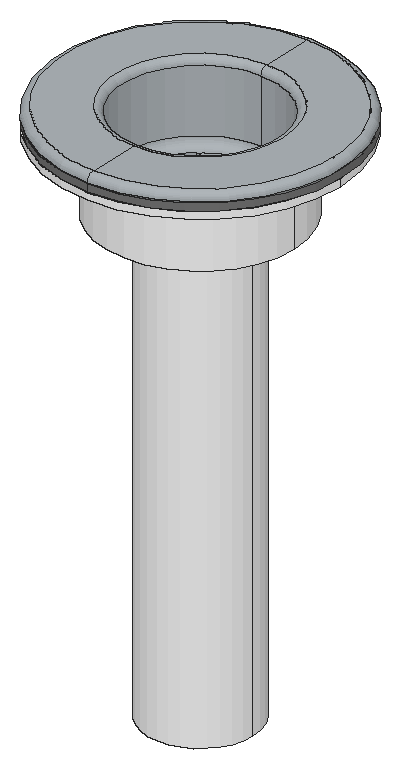
Revit family "BIM_TB-1954-11S", category Plumbing Fixtures, host Face, Revit 2026
Family settings
  Host = Face
  Round Connector Dimension = Use Diameter
  Part Type = Normal
  Classification Number = 23.31.11.00
  Enable Cutting in Views = No
  Cut with Voids When Loaded = No
  Maintain Annotation Orientation = No
  Shared = No
  Room Calculation Point = No
Parameters (values of type "TB-1954-11S")
  Waste Water Outlet = ""
  Vida Util = "100000 Ciclos"
  Torque de Conexioón = "20 Nm"
  Tipo de Uso = "Domestico"
  Temperaturas de trabajo = "19C° A 62C°"
  Sitio web = "https://www.gricol.com"
  Resistencia a Corrosión = "NTC 1156, Sal Neutral"
  Referente Normativo = "NTC 5302, ASME A112.18.2 / CSA B125.2"
  Medida Externa = "1 1/2\""
  Materiales del producto = "ABS, Popilipropileno, Acero inoxidable,\r\nCaucho"
  Link Ficha Tecnica = "https://infotecnica.gricol.com/FT_TB-1954-11S.pdf"
  Waste Connection = 1 = 0  # no
  Vent Connection = 1 = 0  # no
  URL = "https://www.gricol.com/products/canastilla-2-inoxidable"
  Type Image = FOTO CANASTILLA 2 CON FILTRO INOXIDABLE.jpg
  Plastico - polipropileno + colorante blanco = Plastico - polipropileno + colorante blanco
  Goteo de sello = "63 ml/min"
  Garantia Especifica = "20 Años"
  Conexiones = "Tubo para acople en tubería de 1½”"
  Caudal = "27 l/m"
  Caucho = Plastico - polipropileno + colorante gris
  Product Name = "Canastilla 2 Inoxidable Para Lavaplatos"  # constant formula
  Diametro = 74.297 mm
  Model = "TB-1954-11S\r"  # constant formula
  Manufacturer = "Gricol"  # constant formula
  HW Connection = 1 = 1  # yes
  Description = "Canastilla"  # constant formula
  Default Elevation = 0.0 mm
  Date Modified = "22/08/2025"  # constant formula
  Date Created = "05/28/2020"  # constant formula
  Copyright = "All rights reserved © Gricol - 2025."  # constant formula
  Metal - Acero inoxidable = Metal - Acero inoxidable
  CW Connection = 1 = 1  # yes
  Assembly Code = ""
  Alto = 140.0 mm
Reference planes
  plane 1 "Center (Front/Back)": y = 0
  plane 2: z = 0
  plane 3 "Center (Left/Right)": x = 0
  plane 4: y = -37.148
  plane 5: x = -37.148
  plane 6: x = 37.148
  plane 7: z = -142.019
  plane 8: y = 37.148
  plane 9: z = -2.019
Forms (mm)
  Extrusion 1, void
    sketch origin (0, 0, 0) x (1, 0, 0) y (0, 1, 0)
      loop
        circle (0, 0) r 22.091
    from -71.075 to 12.507
Dimensions and locks
  equal spacing: plane 5, plane 3 "Center (Left/Right)", plane 6
  "Diametro": plane 5 to plane 6
  equal spacing: plane 4, plane 1 "Center (Front/Back)", plane 8
  "Diametro": plane 4 to plane 8
  "Alto": plane 9 to plane 7
  aligned and locked: plane 2 to host face
  aligned and locked: level to host face
Automatic sketch dimensions
  host sketch curve to host sketch curve = 397.393 mm
  host sketch curve to host sketch curve = 331.799 mm
  plane 1 "Center (Front/Back)" to Extrusion 1 sketch curve = 0.0 mm
  Extrusion 1 sketch curve to plane 3 "Center (Left/Right)" = 0.0 mm
  Extrusion 1 sketch curve to plane 4 = 15.057 mm
Nested families
  nested 1: "CANASTILLA 2 CON FILTRO INOXIDABLE" at (0, 0, 0), type "CANASTILLA 2 CON FILTRO INOXIDABLE"
Definition of nested family "CANASTILLA 2 CON FILTRO INOXIDABLE"
  Parameters (values of type "CANASTILLA 2 CON FILTRO INOXIDABLE")
    Weight Net (Kg) = "6.60Kg"
    Waste Connection = no
    Vent Connection = no
    Type Comments = ""
    Nominal width = "370"
    Nominal height = "130"
    Model = ""
    Manufacturer = ""
    Keynote = ""
    HW Connection = no
    Default Elevation = 0.0 mm
    Cost = 0
    CW Connection = no
  Reference planes
    plane 1 "Center (Front/Back)": y = 0
    plane 2: z = 0
    plane 3 "Center (Left/Right)": x = 0
    plane 4: x = -19.05
    plane 5: x = 19.05
    plane 6 "12": z = -52.304
    plane 7 "13": y = 37.148
    plane 8 "14": y = -37.148
    plane 9 "17": x = -37.154
    plane 10 "18": x = 37.154
    plane 11 "19": z = -2.019
    plane 12 "20": z = -142.019
  Forms (mm)
    Revolve 1, solid
      sketch origin (-0.035, -0.057, -27.581) x (1, 0, 0) y (0, 0, 1)
        loop
          line (-37.119, 25.437) -> (-37.119, 23.564) -> (-24.93, 23.564) -> (-24.93, 4.491) -> (-13.973, -0.388) -> (-13.973, -114.497) -> (-12.433, -114.497) -> (-12.433, 0.94) -> (-23.236, 5.749) -> (-23.236, 25.437) -> (-37.119, 25.437)
        axis (0, 25.437) -> (0, -114.497)
      angle from 0 to 360
    Revolve 2, solid
      sketch origin (0, 0, 2.132) x (0, 1, 0) y (0, 0, 1)
        loop
          line (17.552, -20.985) -> (7.932, -20.985) -> (5.97, -22.948) -> (22.384, -22.948) -> (22.384, -1.921) -> (37.184, -1.921)
          arc (37.184, -1.921) -> (36.617, -0.552) -> (35.248, 0.014) r 1.935
          line (35.248, 0.014) -> (21.963, 0.014)
          arc (21.963, 0.014) -> (20.661, -0.525) -> (20.122, -1.827) r 1.841
          line (20.122, -1.827) -> (20.122, -18.416)
          arc (20.122, -18.416) -> (19.369, -20.233) -> (17.552, -20.985) r 2.57
        axis (0, 0.014) -> (0, -22.948)
      angle from 0 to 360
    Revolve 3, solid
      sketch origin (0, 0, 2.132) x (0, 1, 0) y (0, 0, 1)
        loop
          line (37.148, -2.31) -> (32.48, -2.31) -> (32.48, -4.15) -> (37.148, -4.15) -> (37.148, -2.31)
        axis (0, -2.31) -> (0, -4.15)
      angle from 0 to 360
    Extrusion 4, void
      sketch origin (0, 0, -18.853) x (-1, 0, 0) y (0, 1, 0)
        loop
          arc (15.286, -1.886) -> (17.172, 0) -> (15.286, 1.886) r 1.886
          line (15.286, 1.886) -> (12.847, 1.886)
          arc (12.847, 1.886) -> (10.961, 0) -> (12.847, -1.886) r 1.886
          line (12.847, -1.886) -> (15.286, -1.886)
        loop
          line (-15.286, -1.886) -> (-12.847, -1.886)
          arc (-12.847, -1.886) -> (-10.961, 0) -> (-12.847, 1.886) r 1.886
          line (-12.847, 1.886) -> (-15.286, 1.886)
          arc (-15.286, 1.886) -> (-17.172, 0) -> (-15.286, -1.886) r 1.886
        loop
          arc (1.886, 15.183) -> (0, 17.069) -> (-1.886, 15.183) r 1.886
          line (-1.886, 15.183) -> (-1.886, 12.745)
          arc (-1.886, 12.745) -> (0, 10.858) -> (1.886, 12.745) r 1.886
          line (1.886, 12.745) -> (1.886, 15.183)
        loop
          line (1.886, -15.389) -> (1.886, -12.95)
          arc (1.886, -12.95) -> (0, -11.064) -> (-1.886, -12.95) r 1.886
          line (-1.886, -12.95) -> (-1.886, -15.389)
          arc (-1.886, -15.389) -> (0, -17.275) -> (1.886, -15.389) r 1.886
        loop
          arc (12.455, 9.685) -> (12.455, 12.352) -> (9.788, 12.352) r 1.886
          line (9.788, 12.352) -> (8.063, 10.628)
          arc (8.063, 10.628) -> (8.063, 7.96) -> (10.731, 7.96) r 1.886
          line (10.731, 7.96) -> (12.455, 9.685)
        loop
          line (-9.163, -11.933) -> (-7.438, -10.209)
          arc (-7.438, -10.209) -> (-7.438, -7.541) -> (-10.106, -7.541) r 1.886
          line (-10.106, -7.541) -> (-11.83, -9.265)
          arc (-11.83, -9.265) -> (-11.83, -11.933) -> (-9.163, -11.933) r 1.886
        loop
          arc (9.745, -12.245) -> (12.413, -12.245) -> (12.413, -9.578) r 1.886
          line (12.413, -9.578) -> (10.689, -7.854)
          arc (10.689, -7.854) -> (8.021, -7.854) -> (8.021, -10.521) r 1.886
          line (8.021, -10.521) -> (9.745, -12.245)
        loop
          line (-11.872, 9.372) -> (-10.148, 7.648)
          arc (-10.148, 7.648) -> (-7.48, 7.648) -> (-7.48, 10.315) r 1.886
          line (-7.48, 10.315) -> (-9.205, 12.04)
          arc (-9.205, 12.04) -> (-11.872, 12.04) -> (-11.872, 9.372) r 1.886
      from 0 to 4.236
    Revolve 5, solid
      sketch origin (0, 0, 0) x (1, 0, 0) y (0, 0, 1)
        loop
          line (0, -14.412) -> (0, -23.09) -> (2.783, -23.09) -> (2.783, -16.736) -> (8.095, -16.736) -> (8.095, -15.489)
          arc (8.095, -15.489) -> (7.78, -14.727) -> (7.018, -14.412) r 1.077
          line (7.018, -14.412) -> (0, -14.412)
        axis (0, -23.09) -> (0, -14.412)
      angle from 0 to 360
  Cuts and joins
    Extrusion 4 cuts Revolve 1
    Extrusion 4 cuts Revolve 2
  Dimensions and locks
    plane 11 "19" to plane 12 "20" = 140.0 mm  (x2)
    locked: plane 4 to plane 5 at 38.1
    plane 5 to plane 4 = 38.1 mm
    plane 8 "14" to plane 1 "Center (Front/Back)" = 37.148 mm
    plane 8 "14" to plane 7 "13" = 74.297 mm  (x3)
    equal spacing: plane 8 "14", plane 1 "Center (Front/Back)", plane 7 "13"
    plane 9 "17" to plane 10 "18" = 74.307 mm
    equal spacing: plane 9 "17", plane 3 "Center (Left/Right)", plane 10 "18"
    aligned and locked: level to plane 2
  Automatic sketch dimensions
    Revolve 3 sketch curve to plane 1 "Center (Front/Back)" = 0.0 mm
    Revolve 3 sketch curve to plane 7 "13" = 0.0 mm
    Revolve 3 sketch curve to level = 0.178 mm
    plane 7 "13" to Revolve 3 sketch curve = 4.668 mm
    Revolve 3 sketch curve to Revolve 3 sketch curve = 1.841 mm
    Revolve 3 sketch curve to level = 17.281 mm
    level to Revolve 3 sketch curve = 2.196 mm
    Revolve 1 sketch curve to plane 9 "17" = 0.0 mm
    plane 4 to Revolve 1 sketch curve = 5.043 mm
    Revolve 1 sketch curve to Revolve 1 sketch curve = 1.539 mm
    Revolve 1 sketch curve to plane 6 "12" = 89.773 mm
    Revolve 1 sketch curve to Revolve 1 sketch curve = 1.327 mm
    Revolve 1 sketch curve to Revolve 1 sketch curve = 4.879 mm
    Revolve 1 sketch curve to Revolve 1 sketch curve = 1.258 mm
    Revolve 1 sketch curve to plane 3 "Center (Left/Right)" = 0.035 mm
    Revolve 1 sketch curve to Revolve 1 sketch curve = 2.97 mm
    Revolve 1 sketch curve to Revolve 1 sketch curve = 1.873 mm
    Revolve 1 sketch curve to level = 2.144 mm
    plane 6 "12" to Revolve 1 sketch curve = 24.336 mm
    Revolve 1 sketch curve to Revolve 1 sketch curve = 8.418 mm
    Revolve 2 sketch curve to plane 1 "Center (Front/Back)" = 0.0 mm
    Revolve 2 sketch curve to plane 1 "Center (Front/Back)" = 5.97 mm
    Revolve 2 sketch curve to Revolve 2 sketch curve = 1.962 mm  (x2)
    level to Revolve 2 sketch curve = 0.211 mm
    Revolve 2 sketch curve to Revolve 2 sketch curve = 0.421 mm
    plane 7 "13" to Revolve 2 sketch curve = 1.9 mm
    Revolve 2 sketch curve to plane 7 "13" = 0.035 mm
    Revolve 2 sketch curve to plane 11 "19" = 14.265 mm
    Revolve 2 sketch curve to Revolve 2 sketch curve = 3.535 mm
    level to Revolve 2 sketch curve = 2.196 mm
    Extrusion 4 sketch curve to Revolve 2 = 0.0 mm  (x2)
    Extrusion 4 sketch curve to Extrusion 4 sketch curve = 1.886 mm  (x4)
    Extrusion 4 sketch curve to Extrusion 4 sketch curve = 5.594 mm
    Extrusion 4 sketch curve to Extrusion 4 sketch curve = 1.334 mm  (x24)
    Extrusion 4 sketch curve to Extrusion 4 sketch curve = 1.724 mm  (x8)
    Extrusion 4 sketch curve to Extrusion 4 sketch curve = 5.552 mm
    Extrusion 4 sketch curve to Extrusion 4 sketch curve = 2.7 mm
    Extrusion 4 sketch curve to Extrusion 4 sketch curve = 2.439 mm  (x4)
    Extrusion 4 sketch curve to Extrusion 4 sketch curve = 6.177 mm
    Extrusion 4 sketch curve to Extrusion 4 sketch curve = 6.135 mm
    Extrusion 4 sketch curve to Extrusion 4 sketch curve = 2.117 mm
    Extrusion 4 sketch curve to Extrusion 4 sketch curve = 0.705 mm
    Extrusion 4 sketch curve to Extrusion 4 sketch curve = 0.392 mm
    Extrusion 4 sketch curve to Extrusion 4 sketch curve = 7.486 mm
    Extrusion 4 sketch curve to Extrusion 4 sketch curve = 6.074 mm
    Extrusion 4 sketch curve to Extrusion 4 sketch curve = 5.967 mm
    Extrusion 4 sketch curve to Extrusion 4 sketch curve = 5.655 mm
    Extrusion 4 sketch curve to Extrusion 4 sketch curve = 2.429 mm
    Revolve 5 sketch curve to plane 3 "Center (Left/Right)" = 0.0 mm  (x2)
    Revolve 5 sketch curve to Revolve 5 sketch curve = 2.783 mm
    Revolve 5 sketch curve to Revolve 5 sketch curve = 4.235 mm
    Revolve 5 sketch curve to plane 11 "19" = 21.071 mm
    Revolve 5 sketch curve to Revolve 5 sketch curve = 6.354 mm
    Revolve 5 sketch curve to Revolve 5 sketch curve = 1.246 mm
    Revolve 5 sketch curve to Revolve 5 sketch curve = 0.067 mm
    Revolve 5 sketch curve to Revolve 5 sketch curve = 0.0 mm
    Revolve 5 sketch curve to Revolve 5 sketch curve = 1.077 mm
    Revolve 1 sketch curve to Revolve 1 sketch curve = 1.695 mm
    Revolve 1 sketch curve to plane 4 = 5.915 mm
    Revolve 2 sketch curve to Revolve 2 sketch curve = 9.619 mm
    level to Revolve 2 sketch curve = 0.305 mm
    Revolve 2 sketch curve to Revolve 2 sketch curve = 15.127 mm
